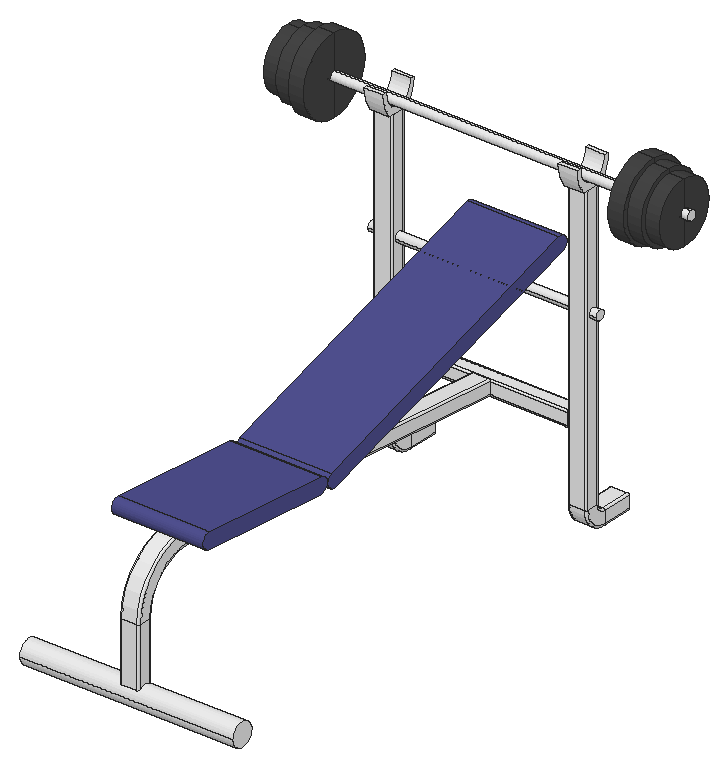
Revit family
Parameters
  Structure = Peinture - Blanc
  Poids = Plastique - Noir
  Assembly Code = ""
  Banc = Plastique - Bleu
Reference planes
  plane 1 "Centre Av/Ar": y = 0
  plane 2: z = 0
  plane 3 "Centre G/D": x = 0
  plane 4: x = 711.2
  plane 5: y = 1524
  plane 6: z = 304.8
  plane 7: x = 355.6
  plane 8: x = 323.85
  plane 9: x = 387.35
  plane 10: z = 660.4
  plane 11: x = -25.4
  plane 12: x = 736.6
  plane 13: y = 1498.6
  plane 14: y = 1498.6
  plane 15: x = 203.2
  plane 16: x = 508
  plane 17: x = -330.2
  plane 18: x = 1041.4
  plane 19: x = -152.4
  plane 20: x = 863.6
  plane 21: y = 1499.827
  plane 22: z = 1049.153
  plane 23: z = 1064.635
Forms (mm)
  Extrusion 1, solid, material "Peinture - Blanc" <- "Structure"
    sketch origin (0, 0, 0) x (0, 1, 0) y (0, 0, 1)
      loop
        circle (38.1, 39.959) r 38.1
    from 0 to 711.2
  Sweep 2, solid, material "Peinture - Blanc" <- "Structure"
    path origin (0, 0, 50.8) x (0, 1, 0) y (0, 0, 1)
      loop
        line (1524, 983.113) -> (1524, 25.4)
        arc (1524, 25.4) -> (1531.439, 7.439) -> (1549.4, 0) r 25.4
        line (1549.4, 0) -> (1651, 0)
    profile origin (0, 0, 555.057) x (1, 0, 0) y (0, 1, 0)
      loop
        arc (6.35, 1524) -> (1.86, 1522.14) -> (0, 1517.65) r 6.35
        line (0, 1517.65) -> (0, 1479.55)
        arc (0, 1479.55) -> (1.86, 1475.06) -> (6.35, 1473.2) r 6.35
        line (6.35, 1473.2) -> (57.15, 1473.2)
        arc (57.15, 1473.2) -> (61.64, 1475.06) -> (63.5, 1479.55) r 6.35
        line (63.5, 1479.55) -> (63.5, 1517.65)
        arc (63.5, 1517.65) -> (61.64, 1522.14) -> (57.15, 1524) r 6.35
        line (57.15, 1524) -> (6.35, 1524)
  Sweep 3, solid, material "Peinture - Blanc" <- "Structure"
    path origin (711.2, 0, 50.8) x (0, 1, 0) y (0, 0, -1)
      loop
        line (1524, -983.113) -> (1524, -25.4)
        arc (1524, -25.4) -> (1531.439, -7.439) -> (1549.4, 0) r 25.4
        line (1549.4, 0) -> (1651, 0)
    profile origin (711.2, 0, 555.057) x (-1, 0, 0) y (0, -1, 0)
      loop
        line (6.35, -1524) -> (57.15, -1524)
        arc (57.15, -1524) -> (61.64, -1522.14) -> (63.5, -1517.65) r 6.35
        line (63.5, -1517.65) -> (63.5, -1479.55)
        arc (63.5, -1479.55) -> (61.64, -1475.06) -> (57.15, -1473.2) r 6.35
        line (57.15, -1473.2) -> (6.35, -1473.2)
        arc (6.35, -1473.2) -> (1.86, -1475.06) -> (0, -1479.55) r 6.35
        line (0, -1479.55) -> (0, -1517.65)
        arc (0, -1517.65) -> (1.86, -1522.14) -> (6.35, -1524) r 6.35
  Extrusion 4, solid, material "Peinture - Blanc" <- "Structure"
    sketch origin (0, 0, 0) x (0, 1, 0) y (0, 0, 1)
      loop
        arc (1517.65, 304.8) -> (1522.14, 306.66) -> (1524, 311.15) r 6.35
        line (1524, 311.15) -> (1524, 349.25)
        arc (1524, 349.25) -> (1522.14, 353.74) -> (1517.65, 355.6) r 6.35
        line (1517.65, 355.6) -> (1479.55, 355.6)
        arc (1479.55, 355.6) -> (1475.06, 353.74) -> (1473.2, 349.25) r 6.35
        line (1473.2, 349.25) -> (1473.2, 311.15)
        arc (1473.2, 311.15) -> (1475.06, 306.66) -> (1479.55, 304.8) r 6.35
        line (1479.55, 304.8) -> (1517.65, 304.8)
    from 63.5 to 647.7
  Sweep 5, solid, material "Peinture - Blanc" <- "Structure"
    path origin (323.85, 0, 0) x (0, 0, -1) y (0, -1, 0)
      loop
        line (-330.2, -1480.728) -> (-439.641, -229.816)
        arc (-439.641, -229.816) -> (-393.605, -94.2) -> (-262.517, -36.52) r 177.8
        line (-262.517, -36.52) -> (-40.464, -36.52)
    profile origin (323.85, 815.355, -71.334) x (0, 0.087156, 0.996195) y (-1, 0, 0)
      loop
        arc (482.909, -6.35) -> (481.049, -1.86) -> (476.559, 0) r 6.35
        line (476.559, 0) -> (438.459, 0)
        arc (438.459, 0) -> (433.969, -1.86) -> (432.109, -6.35) r 6.35
        line (432.109, -6.35) -> (432.109, -57.15)
        arc (432.109, -57.15) -> (433.969, -61.64) -> (438.459, -63.5) r 6.35
        line (438.459, -63.5) -> (476.559, -63.5)
        arc (476.559, -63.5) -> (481.049, -61.64) -> (482.909, -57.15) r 6.35
        line (482.909, -57.15) -> (482.909, -6.35)
  Extrusion 6, solid, material "Peinture - Blanc" <- "Structure"
    sketch origin (0, 0, 0) x (0, 1, 0) y (0, 0, 1)
      loop
        circle (1498.6, 660.4) r 15.24
    from -25.4 to 736.6
  Extrusion 7, solid, material "Peinture - Blanc" <- "Structure"
    sketch origin (-25.4, 0, 0) x (0, 0, -1) y (0, -1, 0)
      loop
        line (-1033.913, -1536.7) -> (-1033.913, -1460.5)
        arc (-1033.913, -1460.5) -> (-1069.882, -1441.407) -> (-1110.113, -1435.1) r 123.036
        line (-1110.113, -1435.1) -> (-1110.113, -1447.8)
        arc (-1110.113, -1447.8) -> (-1069.593, -1460.984) -> (-1049.572, -1498.6) r 56.933
        arc (-1049.572, -1498.6) -> (-1069.593, -1536.216) -> (-1110.113, -1549.4) r 56.933
        line (-1110.113, -1549.4) -> (-1110.113, -1562.1)
        arc (-1110.113, -1562.1) -> (-1069.882, -1555.793) -> (-1033.913, -1536.7) r 123.036
    from -25.4 to -88.9
  Extrusion 8, solid, material "Peinture - Blanc" <- "Structure"
    sketch origin (736.6, 0, 0) x (0, 0, -1) y (0, 1, 0)
      loop
        arc (-1033.913, 1536.7) -> (-1069.882, 1555.793) -> (-1110.113, 1562.1) r 123.036
        line (-1110.113, 1562.1) -> (-1110.113, 1549.4)
        arc (-1110.113, 1549.4) -> (-1069.593, 1536.216) -> (-1049.572, 1498.6) r 56.933
        arc (-1049.572, 1498.6) -> (-1069.593, 1460.984) -> (-1110.113, 1447.8) r 56.933
        line (-1110.113, 1447.8) -> (-1110.113, 1435.1)
        arc (-1110.113, 1435.1) -> (-1069.882, 1441.407) -> (-1033.913, 1460.5) r 123.036
        line (-1033.913, 1460.5) -> (-1033.913, 1536.7)
    from -25.4 to -88.9
  Extrusion 9, solid, material "Plastique - Bleu" <- "Banc"
    sketch origin (0, 0, 0) x (0, 1, 0) y (0, 0, 1)
      loop
        line (680.792, 425.192) -> (1627.972, 715.259)
        arc (1627.972, 715.259) -> (1643.043, 746.398) -> (1613.12, 763.757) r 25.432
        arc (1613.12, 763.757) -> (1134.099, 631.625) -> (663.233, 472.861) r 8865.498
        arc (663.233, 472.861) -> (651.564, 441.494) -> (680.792, 425.192) r 25.699
    from 203.2 to 508
  Extrusion 10, solid, material "Plastique - Bleu" <- "Banc"
    sketch origin (203.2, 0, 0) x (0, 0, -1) y (0, -1, 0)
      loop
        line (-430.707, -617.725) -> (-471.878, -151.411)
        arc (-471.878, -151.411) -> (-499.774, -128.789) -> (-522.396, -156.685) r 25.396
        arc (-522.396, -156.685) -> (-510.946, -390.291) -> (-481.287, -622.29) r 2992.495
        arc (-481.287, -622.29) -> (-453.792, -644.435) -> (-430.707, -617.725) r 25.408
    from 0 to -304.8
  Extrusion 11, solid, material "Peinture - Blanc" <- "Structure"
    sketch origin (-330.2, -0.806, 15.723) x (0, 0, -1) y (0, -1, 0)
      loop
        circle (-1049.153, -1499.685) r 15.24
    from 0 to -1371.6
  Revolve 12, solid, material "Plastique - Noir" <- "Poids"
    sketch origin (0, 1499.827, 0) x (0, 0, -1) y (-1, 0, 0)
      loop
        line (-1064.635, 152.4) -> (-937.635, 152.4) -> (-937.635, 203.2) -> (-950.335, 203.2) -> (-950.335, 254) -> (-963.035, 254) -> (-963.035, 304.8) -> (-1064.635, 304.8)
      axis (-1064.635, 152.4) -> (-1064.635, 304.8)
    angle from 0 to 360
  Revolve 13, solid, material "Plastique - Noir" <- "Poids"
    sketch origin (711.2, 1499.827, 0) x (0, 0, -1) y (-1, 0, 0)
      loop
        line (-1064.635, -152.4) -> (-937.635, -152.4) -> (-937.635, -203.2) -> (-950.335, -203.2) -> (-950.335, -254) -> (-963.035, -254) -> (-963.035, -304.8) -> (-1064.635, -304.8)
      axis (-1064.635, -152.4) -> (-1064.635, -304.8)
    angle from 0 to 360
Cuts and joins
  joined: Extrusion 1, Extrusion 4, Sweep 5
  joined: Sweep 2, Sweep 3, Extrusion 6
Dimensions and locks
  plane 3 "Centre G/D" to plane 4 = 711.2 mm
  plane 17 to plane 18 = 1371.6 mm
  aligned and locked: Extrusion 4 to Sweep 2
  aligned and locked: plane 16 to Extrusion 9
  aligned and locked: plane 15 to Extrusion 9
  aligned and locked: plane 16 to Extrusion 10
